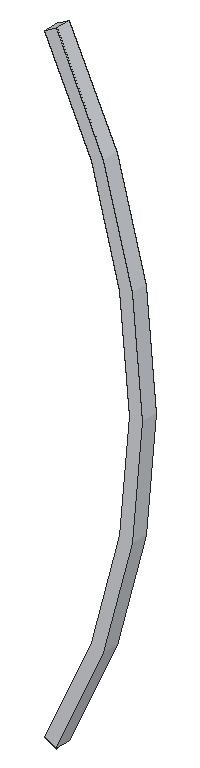
Revit family
Parameters (values of type "unicotipo")
  raggio_gusci = 1800 mm
  altezza_gusci [instance] = 1800 mm
Reference planes
  plane 1 "Centro (Fronte/Retro)": y = 0
  plane 2: z = 0
  plane 3 "Centro (Sinistra/Destra)": x = 0
  plane 4: z = 900
  plane 5: z = 1800
Forms (mm)
  Sweep 1, solid
    path in 3D
      loop
        arc (0, 0, 0) -> (241.154, 0, 900) -> (0, 0, 1800) r 1800
    profile origin (241.154, 0, 900) x (-1, 0, 0) y (0, -1, 0)
      loop
        line (19.06, -23.186) -> (19.06, 21.814) -> (-18.408, 21.814) -> (-18.408, -23.186) -> (19.06, -23.186)
Lines and regions (mm)
  reference lines
    curve 1: arc (0, 0, 0) -> (241.154, 0, 900) -> (0, 0, 1800) r 1800
  sketch lines
    curve 2: arc (0, 0, 0) -> (241.154, 0, 900) -> (0, 0, 1800) r 1800
Dimensions and locks
  equal spacing: plane 5, plane 4, level
  "altezza_gusci": plane 5 to level
  "raggio_gusci": radius of curve 1
Automatic sketch dimensions
  curve 1 to plane 4 = 0 mm
  curve 1 to plane 3 "Centro (Sinistra/Destra)" = 0 mm  (x2)
  curve 1 to level = 0 mm
  profile plane to Sweep 1 sketch curve = 18.408 mm
  Sweep 1 sketch curve to profile plane = 19.06 mm
  Sweep 1 sketch curve to profile plane = 23.186 mm
  profile plane to Sweep 1 sketch curve = 21.814 mm
